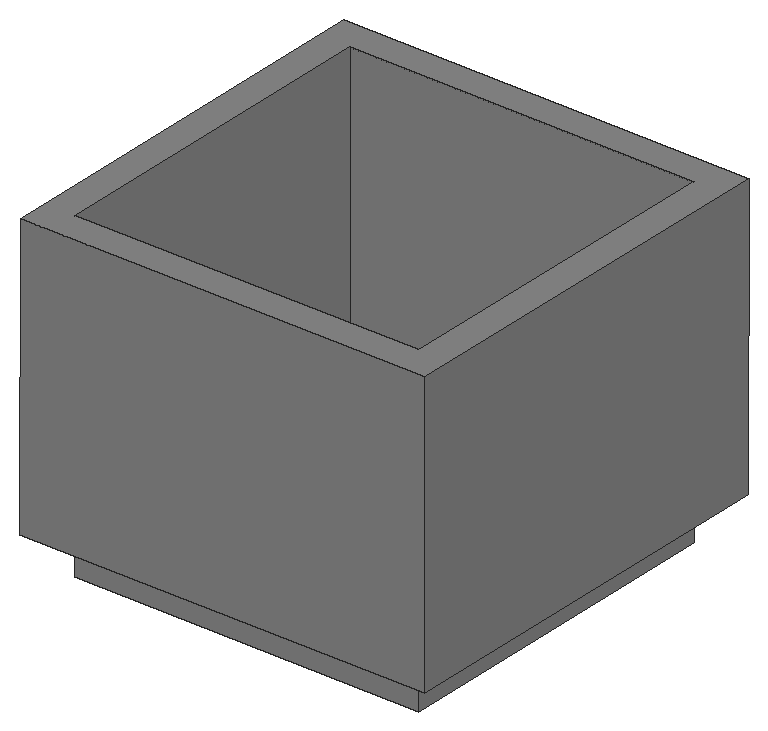
Revit family "tsvetochnitsa_kvadro", category Антураж, Revit 2017
Family settings
  На основе рабочей плоскости = Нет
  Всегда вертикально = Да
  При загрузке вырезать с полостями = Нет
  Источник визуального образа = Геометрия семейства
  Общий = Нет
  Точка расчета площади = Нет
Parameters (values of type ""Квадро" Шахматка")
  Ширина = 400 mm
  Производитель = "ГК Очаковский комбинат ЖБИ"  # constant formula
  Позиция = ""
  Поверхность = ""
  Площадь [instance] = 1.04 m²
  Описание изделия [instance] = "Простые лаконичные формы цветочницы «Квадро» позволяют воссоздать ее во всем разнообразии цветов и фактур. Выбирая цветочницу «Квадро», вы получаете функциональное решение для благоустройства практически любой территории. Эта цветочница отлично сочетается со скамьей «Бридж», урной «Призма» и парковочным ограничителем «Москва»."
  Объем бетона = 0.023 m³
  Обозначение = ""
  Наименование = "Цветочница \"Квадро\""
  Морозостойкость [instance] = "F150"
  Материал = Очаковский_Шахматка
  Масса [instance] = 58.00 kg
  Класс бетона [instance] = "В30"
  Защитное покрытие [instance] = 0.64
  Длина = 400 mm
  Watermarked By = ""
  Высота = 320 mm
  Водонепроницаемость [instance] = "W8"
  URL = "http://file-system.ru/catalog/blagoustroystvo/blagoustroystvo_goroda/vazony_i_tsvetochnitsy/_kvadro_tsvetochnitsa/"
Types (8, lengths in mm): name | Материал | URL
  (no name) | Очаковский_Шахматка | "http://file-system.ru/catalog/blagoustroystvo/blagoustroystvo_goroda/vazony_i_tsvetochnitsy/_kvadro_tsvetochnitsa/"
  "Квадро" Белый шелк | Очаковский_Белый_Шелк | 0
  "Квадро" Черный глянец | Очаковский_Черный_глянец | 0
  "Квадро" Черный шелк | Очаковский_Черный_шелк | 0
  "Квадро" Крымский берег | Очаковский_Крымский_берег | 0
  "Квадро" Московский гравий | Очаковский_Московский_гравий | 0
  "Квадро" Морская соль | Очаковский_Морская_соль | 0
  "Квадро" Шахматка | Очаковский_Шахматка | "http://file-system.ru/catalog/blagoustroystvo/blagoustroystvo_goroda/vazony_i_tsvetochnitsy/_kvadro_tsvetochnitsa/"
Reference planes
  plane 1 "По центру (Вперед/Назад)": y = 0
  plane 2: z = 0
  plane 3 "По центру (Влево/Вправо)": x = 0
  plane 4: z = 320
  plane 5: x = -200
  plane 6: x = 200
  plane 7: y = -200
  plane 8: y = 200
  plane 9: z = 40
Forms (mm)
  Extrusion 1, solid, material "Очаковский_Шахматка" <- "Материал", detail levels medium+fine
    sketch origin (416.256, -1524, 40) x (0, -1, 0) y (-1, 0, 0)
      loop
        line (-1724, 616.256) -> (-1724, 216.256) -> (-1324, 216.256) -> (-1324, 616.256) -> (-1724, 616.256)
      loop
        line (-1694, 586.256) -> (-1694, 246.256) -> (-1354, 246.256) -> (-1354, 586.256) -> (-1694, 586.256)
    from 0 to -280
  Extrusion 2, solid, material "Очаковский_Шахматка" <- "Материал", detail levels medium+fine
    sketch origin (0, 0, 0) x (1, 0, 0) y (0, 1, 0)
      loop
        line (-170, 170) -> (-170, -170) -> (170, -170) -> (170, 170) -> (-170, 170)
    from 0 to 40
Dimensions and locks
  "Высота": plane 4 to plane 2
  equal spacing: plane 8, plane 1 "По центру (Вперед/Назад)", plane 7
  "Ширина": plane 8 to plane 7
  equal spacing: plane 5, plane 3 "По центру (Влево/Вправо)", plane 6
  "Длина": plane 5 to plane 6
  locked: plane 9 to level at 40
  plane 3 "По центру (Влево/Вправо)" to Extrusion 1 = 200 mm
  aligned and locked: level to plane 2
  aligned and locked: Extrusion 2 sketch curve to Extrusion 1  (x4)
  aligned and locked: Extrusion 2 to Extrusion 1
  aligned and locked: Extrusion 1 to plane 4
  aligned and locked: plane 3 "По центру (Влево/Вправо)" to nested 1
  aligned and locked: plane 1 "По центру (Вперед/Назад)" to nested 1
Automatic sketch dimensions
  Extrusion 1 sketch curve to plane 6 = 0 mm
  Extrusion 1 sketch curve to plane 8 = 0 mm
  Extrusion 1 sketch curve to plane 7 = 0 mm
  Extrusion 1 sketch curve to plane 5 = 0 mm
  Extrusion 1 sketch curve to plane 8 = 30 mm
  plane 7 to Extrusion 1 sketch curve = 30 mm
  plane 5 to Extrusion 1 sketch curve = 30 mm
  Extrusion 1 sketch curve to plane 6 = 30 mm
Nested families
  nested 1: "МАФ Прямоугольный низкая дет" at (0, 0, 0), Высота <- "Высота", Длина <- "Длина", Ширина <- "Ширина", type "МАФ Прямоугольный низкая дет"
    with Ширина 400 mm, Длина 400 mm, Высота 320 mm
Definition of nested family "МАФ Прямоугольный низкая дет"
  Parameters (values of type "МАФ Прямоугольный низкая дет")
    Ширина [instance] = 200 mm
    Длина [instance] = 400 mm
    Высота [instance] = 600 mm
    Watermarked By = ""
    Type Comments = "﻿﻿﻿          ​               ​       ​     ​         ﻿ ﻿ ﻿ ﻿     ﻿ ﻿                        ​ ﻿  ﻿  ​ ﻿           ﻿                 ﻿           ﻿   ​     ​       ​  ﻿﻿﻿"
    Keynote = "﻿﻿﻿          ​               ​       ​     ​         ﻿ ﻿ ﻿ ﻿     ﻿ ﻿                        ​ ﻿  ﻿  ​ ﻿           ﻿                 ﻿           ﻿   ​     ​       ​  ﻿﻿﻿"
    Description = "﻿﻿﻿          ​               ​       ​     ​         ﻿ ﻿ ﻿ ﻿     ﻿ ﻿                        ​ ﻿  ﻿  ​ ﻿           ﻿                 ﻿           ﻿   ​     ​       ​  ﻿﻿﻿"
    Assembly Code = "﻿﻿﻿          ​               ​       ​     ​         ﻿ ﻿ ﻿ ﻿     ﻿ ﻿                        ​ ﻿  ﻿  ​ ﻿           ﻿                 ﻿           ﻿   ​     ​       ​  ﻿﻿﻿"
  Reference planes
    plane 1 "По центру (Вперед/Назад)": y = 0
    plane 2: z = 0
    plane 3 "По центру (Влево/Вправо)": x = 0
    plane 4: x = -200
    plane 5: x = 200
    plane 6: y = -100
    plane 7: y = 100
    plane 8: z = 600
  Forms (mm)
    Extrusion 1, solid, detail levels coarse
      sketch origin (0, 0, 0) x (1, 0, 0) y (0, 1, 0)
        loop
          line (-200, 100) -> (-200, -100) -> (200, -100) -> (200, 100) -> (-200, 100)
      from 0 to 600
  Dimensions and locks
    equal spacing: plane 6, plane 1 "По центру (Вперед/Назад)", plane 7
    "Ширина": plane 6 to plane 7
    equal spacing: plane 4, plane 3 "По центру (Влево/Вправо)", plane 5
    "Длина": plane 4 to plane 5
    "Высота": plane 8 to level
    aligned and locked: level to plane 2
    aligned and locked: Extrusion 1 sketch curve to plane 5
    aligned and locked: Extrusion 1 sketch curve to plane 7
    aligned and locked: Extrusion 1 sketch curve to plane 6
    aligned and locked: Extrusion 1 sketch curve to plane 4
    aligned and locked: plane 8 to Extrusion 1
  Automatic sketch dimensions
    Extrusion 1 sketch curve to plane 5 = 0 mm
